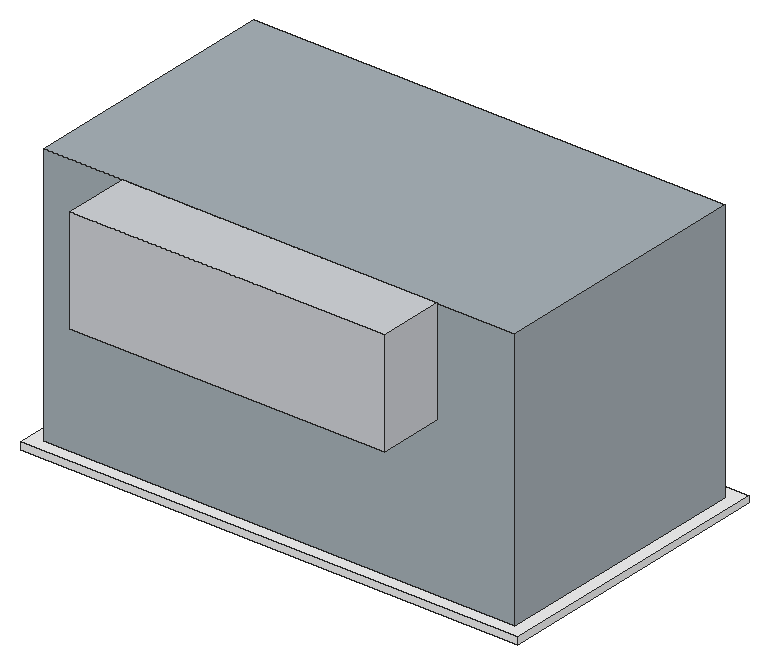
Revit family "QCF300", category Mechanical Equipment, Revit 2016
Family settings
  Part Type = Normal
  Round Connector Dimension = Use Diameter
  OmniClass Number = 23.75.70.21.24.11
  OmniClass Title = Constant Volume Air Terminal Units
  Work Plane-Based = Yes
  Always vertical = Yes
  Cut with Voids When Loaded = No
  Shared = No
  Room Calculation Point = No
Parameters (values of type "QCF300")
  CFM@0.10" S.P. [instance] = 281 CFM
  Frequency [instance] = 60 Hz
  Watt [instance] = 150 W
  Volts_AC [instance] = 120 VA
  Default Elevation = 6' - 0"
  CFM = "SP 0/CFM 310 - SP 0.10/CFM 281 - SP 0.30/CFM 230"
  C. DEPTH [instance] = 0' - 2 1/2"
  A [instance] = 1' - 6"
  E [instance] = 0' - 4"
  URL = "http://www.reversomatic.com/product/qcf-300/"
  RPM [instance] = 33.98 m³
  D [instance] = 1' - 0"
  Model = "QCF300"
  Manufacturer = "REVERSOMATIC"
  C [instance] = 0' - 10"
  B [instance] = 0' - 10"
  Description = "CEILING OR IN-LINE TWIN BLOWER FANS"
  F [instance] = 0' - 11"
  G [instance] = 1' - 7"
  Amps [instance] = 1.25 A
Reference planes (in)
  plane 1 "Center (Front/Back)": y = 0
  plane 2: z = 0
  plane 3 "Center (Left/Right)": x = 0
  plane 4: z = 10
  plane 5: y = 5
  plane 6: y = -5
  plane 7: x = 9
  plane 8: x = -9
  plane 9: y = 5.5
  plane 10: x = 9.5
  plane 11: y = -5.5
  plane 12: x = -9.5
  plane 13: x = -6
  plane 14: x = 6
  plane 15: z = 4
Forms (in)
  Extrusion 1, solid, material "Default New Material"
    sketch origin (0, 0, 0) x (1, 0, 0) y (0, 1, 0)
      loop
        line (-9, 5) -> (-9, -5) -> (9, -5) -> (9, 5) -> (-9, 5)
    from 0 to 10
  Extrusion 2, solid, material "Default"
    sketch origin (0, 0, 0) x (0, 1, 0) y (1, 0, 0)
      loop
        line (-5.5, 9.5) -> (-5.5, -9.5) -> (5.5, -9.5) -> (5.5, 9.5) -> (-5.5, 9.5)
    from 0 to 0.24475
  Extrusion 3, solid
    sketch origin (9, -5, 6) x (-1, 0, 0) y (0, 0, -1)
      loop
        line (15, 0) -> (3, 0) -> (3, -4) -> (15, -4) -> (15, 0)
    from 0 to 2.5
Lines and regions (in)
  model lines, not visible
    curve 1: line (-9.88226, 2.47827, 0.12972) -> (-9.88226, -5.27173, 0.12972)
    curve 2: line (-9.39339, 1.7977, 0.08881) -> (-9.39339, -4.7023, 0.08881)
    curve 3: line (-8.82749, 1.22023, 0.04145) -> (-8.82749, -4.02977, 0.04145)
    curve 4: line (-8.31817, 0.7005, -0.00117) -> (-8.31817, -3.5495, -0.00117)
Dimensions and locks (in)
  "C": plane 4 to level
  equal spacing: plane 8, plane 3 "Center (Left/Right)", plane 7
  "A": plane 8 to plane 7
  equal spacing: plane 5, plane 1 "Center (Front/Back)", plane 6
  "B": plane 5 to plane 6
  equal spacing: plane 12, plane 3 "Center (Left/Right)", plane 10
  "G": plane 12 to plane 10
  equal spacing: plane 9, plane 1 "Center (Front/Back)", plane 11
  "F": plane 9 to plane 11
  equal spacing: plane 13, plane 3 "Center (Left/Right)", plane 14
  "D": plane 13 to plane 14
  "E": plane 15 to level
  connector elem to plane 13 = 0' - 6"
  "C. DEPTH": plane 6 to Extrusion 3
  aligned and locked: plane 2 to level
  aligned and locked: plane 4 to Extrusion 1
  aligned and locked: Extrusion 1 to plane 7
  aligned and locked: plane 5 to Extrusion 1
  aligned and locked: plane 8 to Extrusion 1
  aligned and locked: Extrusion 1 to plane 6
  aligned and locked: plane 9 to Extrusion 2
  aligned and locked: plane 10 to Extrusion 2
  aligned and locked: plane 11 to Extrusion 2
  aligned and locked: plane 12 to Extrusion 2
  aligned and locked: Extrusion 3 to plane 13
  aligned and locked: plane 14 to Extrusion 3
Automatic sketch dimensions
  Extrusion 1 sketch curve to plane 3 "Center (Left/Right)" = 0' - 9"
  plane 3 "Center (Left/Right)" to Extrusion 1 sketch curve = 0' - 9"
  plane 1 "Center (Front/Back)" to Extrusion 1 sketch curve = 0' - 5"
  Extrusion 1 sketch curve to plane 1 "Center (Front/Back)" = 0' - 5"
  plane 1 "Center (Front/Back)" to Extrusion 2 sketch curve = 0' - 5 1/2"
  Extrusion 2 sketch curve to plane 1 "Center (Front/Back)" = 0' - 5 1/2"
  plane 3 "Center (Left/Right)" to Extrusion 2 sketch curve = 0' - 9 1/2"
  Extrusion 2 sketch curve to plane 3 "Center (Left/Right)" = 0' - 9 1/2"
  Extrusion 3 sketch curve to Extrusion 1 = 0' - 3"
  Extrusion 1 to Extrusion 3 sketch curve = 0' - 3"
  Extrusion 1 to Extrusion 3 sketch curve = 0' - 10"
  Extrusion 1 to Extrusion 3 sketch curve = 0' - 4"
Connectors (in)
  hvac at (0, -7.5, 8), driven by "E", driven by "D"
    settings: on Extrusion 3, index 1, duct flow 0 CFM, flow factor 0, pres drop 0.00 in-wg, loss coef 0, conn angle 0.00°, conn width 12", conn height 4", conn diameter 24", duct sys type 1, conn prof type 1, flow config 0, flow direction 0, loss method 0, conn ref index -1, conn util no, is conn primary yes, conn desc ""
